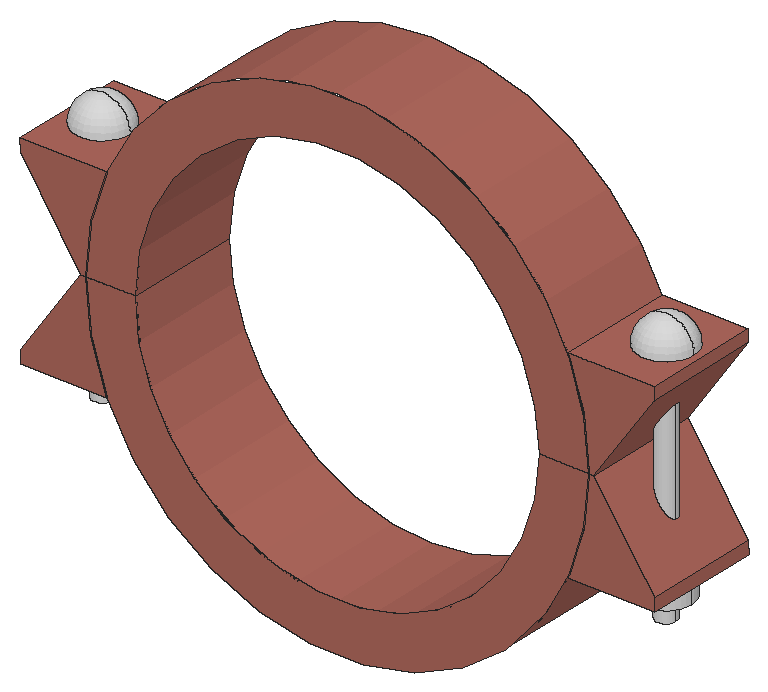
Revit family "Flexible Couplings-Zurn_Wilkins-FP23F (114-8_inch)", category Pipe Accessories, Revit 2022
Family settings
  Round Connector Dimension = Use Radius
  Part Type = Valve - Breaks Into
  OmniClass Number = 23.65.55.14.11
  OmniClass Title = Inlet/Outlet Valves for Liquid Services
  Work Plane-Based = No
  Always vertical = Yes
  Cut with Voids When Loaded = No
  Shared = No
Parameters (values of type "8‐FP23F (8" FP23F)")
  Width = 1' - 0"
  URL = "https://www.zurn.com"
  Type Comments = ""
  Repair Parts URL = ""
  Product data URL = "https://www.bimobject.com/en/zurnindustries/product/zurn-fp23"
  Product Weight (lbs) = 8
  Product Page URL = "https://www.zurn.com/products/fire-protection/grooved-couplings-fittings/fp23"
  Product Installation Sheet URL = "https://files.zurn.com/care-cleaning-install-warranty-sheets/isfp23.pdf"
  Product Documentation Link = "https://files.zurn.com/spec-sheets/fp23-couplings.pdf"
  Nominal Radius = Nominal Diameter / 2  # 0' - 4"
  Nominal Diameter = 0' - 8"
  Modified Date = "10/09/25"  # constant formula
  Model = "8‐FP23F"
  Max Working Water Temperature = 0 °F
  Max Working Water Pressure = 300.00 psi
  Manufacturer Brand = "Zurn Wilkins"  # constant formula
  Manufacturer = "Zurn Water, LLC"  # constant formula
  Main Material = Paint - Zurn - Ductile Iron Red
  Length = 2' - 0"
  L = 0' - 0 51/256"
  K = 0' - 0 51/128"
  J = 0' - 0 115/256"
  I = 0' - 1 13/128"
  Hydrostatic Test Pressure = 0.00 psi
  Height = 1' - 0"
  H = 0' - 0 179/256"
  G = 0' - 3 1/2"
  Flow Rate (GPM) = 0 GPM
  FP23F-SYMBOL = Flexible couplings-Zurn_Wilkins-FP23F_Symbol : 8‐FP23F
  F = 0' - 1 51/256"
  E = 0' - 8"
  Description = "FLEXIBLE FIRE COUPLINGS"
  Default Elevation = 0' - 0"
  Date Created = "10/09/25"  # constant formula
  D = 0' - 4"
  DIM C = 0' - 2 41/128"
  DIM B = 0' - 9 123/128"
  Center to end = DIM A / 2  # 0' - 6.2793"
  Assembly Code = "D2020300"
  DIM A = 1' - 0 143/256"
Types (9): name | Product Weight (lbs) | Nominal Radius | Nominal Diameter | Model | L | K | J | I | H | G | FP23F-SYMBOL | F | E | D | DIM C | DIM B | Center to end | DIM A
  (no name) | 8 | 0' - 4" | 0' - 8" | "8‐FP23F" | 0' - 0 51/256" | 0' - 0 51/128" | 0' - 0 115/256" | 0' - 1 13/128" | 0' - 0 179/256" | 0' - 3 1/2" | Flexible couplings-Zurn_Wilkins-FP23F_Symbol : 8‐FP23F | 0' - 1 51/256" | 0' - 8" | 0' - 4" | 0' - 2 41/128" | 0' - 9 123/128" | 0' - 6.2793" | 1' - 0 143/256"
  3‐FP23F (3" FP23F) | 2 | 0' - 1 1/2" | 0' - 3" | "3‐FP23F" | 0' - 0 51/256" | 0' - 0.25621" | 0' - 0.26941" | 0' - 0 3/4" | 0' - 0 51/128" | 0' - 1 13/128" | Flexible couplings-Zurn_Wilkins-FP23F_Symbol : 3‐FP23F | 0' - 0 3/4" | 0' - 3 1/2" | 0' - 1 1/2" | 0' - 1 197/256" | 0' - 4 73/128" | 0' - 3 1/4" | 0' - 6 1/2"
  114‐FP23F (1 1/4" FP23F) | 1 | 0' - 0 5/8" | 0' - 1 1/4" | "114‐FP23F" | 0' - 0 19/128" | 0' - 0 51/256" | 0' - 0 11/64" | 0' - 0 1/2" | 0' - 0 85/256" | 0' - 0 51/128" | Flexible couplings-Zurn_Wilkins-FP23F_Symbol : 114‐FP23F | 0' - 0 77/128" | 0' - 2" | 0' - 0 179/256" | 0' - 1.73" | 0' - 2 41/64" | 0' - 2 27/256" | 0' - 4 27/128"
  112‐FP23F (1 1/2" FP23F) | 1 | 0' - 0 3/4" | 0' - 1 1/2" | "112‐FP23F" | 0' - 0.13575" | 0' - 0.25621" | 0' - 0 51/256" | 0' - 0 77/128" | 0' - 0 85/256" | 0' - 0 1/2" | Flexible couplings-Zurn_Wilkins-FP23F_Symbol : 112‐FP23F | 0' - 0 77/128" | 0' - 2 51/256" | 0' - 0 205/256" | 0' - 1.73" | 0' - 2 215/256" | 0' - 2.18555" | 0' - 4 95/256"
  2‐FP23F (2" FP23F) | 2 | 0' - 1" | 0' - 2" | "2‐FP23F" | 0' - 0.13575" | 0' - 0.25621" | 0' - 0 51/256" | 0' - 0 77/128" | 0' - 0 85/256" | 0' - 0 77/128" | Flexible couplings-Zurn_Wilkins-FP23F_Symbol : 2‐FP23F | 0' - 0 77/128" | 0' - 2 1/2" | 0' - 1" | 0' - 1 187/256" | 0' - 3 45/128" | 0' - 2.43945" | 0' - 4 225/256"
  212‐FP23F (2 1/2" FP23F) | 2 | 0' - 1 1/4" | 0' - 2 1/2" | "212‐FP23F" | 0' - 0.13575" | 0' - 0.25621" | 0' - 0 51/256" | 0' - 0 77/128" | 0' - 0 85/256" | 0' - 0 115/128" | Flexible couplings-Zurn_Wilkins-FP23F_Symbol : 212‐FP23F | 0' - 0 77/128" | 0' - 3" | 0' - 1 77/256" | 0' - 1 197/256" | 0' - 3 115/128" | 0' - 2 183/256" | 0' - 5 55/128"
  4‐FP23F (4" FP23F) | 3 | 0' - 2" | 0' - 4" | "4‐FP23F" | 0' - 0 51/256" | 0' - 0.25621" | 0' - 0.26941" | 0' - 0 3/4" | 0' - 0 115/256" | 0' - 1 1/2" | Flexible couplings-Zurn_Wilkins-FP23F_Symbol : 4‐FP23F | 0' - 0 205/256" | 0' - 4 51/256" | 0' - 2" | 0' - 1 119/128" | 0' - 5 141/256" | 0' - 3.74023" | 0' - 7 123/256"
  6‐FP23F (6" FP23F) | 5 | 0' - 3" | 0' - 6" | "6‐FP23F" | 0' - 0 51/256" | 0' - 0 77/256" | 0' - 0 51/128" | 0' - 0 115/128" | 0' - 0 1/2" | 0' - 2 1/2" | Flexible couplings-Zurn_Wilkins-FP23F_Symbol : 6‐FP23F | 0' - 0 115/128" | 0' - 6" | 0' - 3" | 0' - 1 119/128" | 0' - 7 223/256" | 0' - 4.91992" | 0' - 9 215/256"
  8‐FP23F (8" FP23F) | 8 | 0' - 4" | 0' - 8" | "8‐FP23F" | 0' - 0 51/256" | 0' - 0 51/128" | 0' - 0 115/256" | 0' - 1 13/128" | 0' - 0 179/256" | 0' - 3 1/2" | Flexible couplings-Zurn_Wilkins-FP23F_Symbol : 8‐FP23F | 0' - 1 51/256" | 0' - 8" | 0' - 4" | 0' - 2 41/128" | 0' - 9 123/128" | 0' - 6.2793" | 1' - 0 143/256"
Reference planes (in)
  plane 1 "Center (Front/Back)": y = 0
  plane 2: z = 0
  plane 3 "Center (Left/Right)": x = 0
  plane 4 "Left Side Plane": x = -12
  plane 5 "Right side Plane": x = 12
  plane 6 "Back Plane": y = 6
  plane 7 "Front Plane": y = -6
  plane 8 "Top Plane": z = 6
  plane 9 "Bottom Plane": z = -6
  plane 10: y = 1.16016
  plane 11: y = -1.16016
  plane 12: x = -6.2793
  plane 13: x = 6.2793
  plane 14: z = 2
  plane 15: z = -2
  plane 16: z = 1.75
  plane 17: z = -1.75
  plane 18: x = -5.08008
  plane 19: x = 5.08008
  plane 20: x = -5.58008
  plane 21: z = -2.44922
  plane 22: z = -2.84766
  plane 23: x = -5.38086
  plane 24: x = 5.58008
  plane 25: x = 5.38086
  plane 26: y = 1.16016
  plane 27: x = 6.2793
  plane 28: y = -1.16016
  plane 29: x = -6.2793
Forms (in)
  Extrusion 1, solid, material "Paint - Zurn - Ductile Iron Red", detail levels fine
    sketch origin (0, 0, 0) x (1, 0, 0) y (0, 0, 1)
      loop
        line (-4, 0) -> (-4.98047, 0)
        arc (-4.98047, 0) -> (0, -4.98047) -> (4.98047, 0) r 4.98047
        line (4.98047, 0) -> (4, 0)
        arc (4, 0) -> (0, -4) -> (-4, 0) r 4
    from -1.16016 to 1.16016
  Extrusion 2, solid, material "Paint - Zurn - Ductile Iron Red", detail levels fine
    sketch origin (0, 0, 0) x (1, 0, 0) y (0, 0, 1)
      loop
        line (-4.98047, 0) -> (-4, 0)
        arc (-4, 0) -> (0, 4) -> (4, 0) r 4
        line (4, 0) -> (4.98047, 0)
        arc (4.98047, 0) -> (0, 4.98047) -> (-4.98047, 0) r 4.98047
    from -1.16016 to 1.16016
  Extrusion 3, solid, material "Paint - Zurn - Ductile Iron Red", detail levels fine
    sketch origin (0, 0, 0) x (1, 0, 0) y (0, 0, 1)
      loop
        line (-4.56126, 2) -> (-6.2793, 2) -> (-6.2793, 1.75) -> (-5.08008, 0) -> (-4.98047, 0)
        arc (-4.98047, 0) -> (-4.87454, 1.02173) -> (-4.56126, 2) r 4.98047
    from -1.16016 to 1.16016
  Extrusion 4, solid, material "Paint - Zurn - Ductile Iron Red", detail levels fine
    sketch origin (0, 0, 0) x (1, 0, 0) y (0, 0, 1)
      loop
        line (-5.08008, 0) -> (-6.2793, -1.75) -> (-6.2793, -2) -> (-4.56126, -2)
        arc (-4.56126, -2) -> (-4.87454, -1.02173) -> (-4.98047, 0) r 4.98047
        line (-4.98047, 0) -> (-5.08008, 0)
    from -1.16016 to 1.16016
  Extrusion 5, solid, material "Paint - Zurn - Ductile Iron Red", detail levels fine
    sketch origin (0, 0, 0) x (1, 0, 0) y (0, 0, 1)
      loop
        arc (4.56126, 2) -> (4.87454, 1.02173) -> (4.98047, 0) r 4.98047
        line (4.98047, 0) -> (5.08008, 0) -> (6.2793, 1.75) -> (6.2793, 2) -> (4.56126, 2)
    from -1.16016 to 1.16016
  Extrusion 6, solid, material "Paint - Zurn - Ductile Iron Red", detail levels fine
    sketch origin (0, 0, 0) x (1, 0, 0) y (0, 0, 1)
      loop
        arc (4.98047, 0) -> (4.87454, -1.02173) -> (4.56126, -2) r 4.98047
        line (4.56126, -2) -> (6.2793, -2) -> (6.2793, -1.75) -> (5.08008, 0) -> (4.98047, 0)
    from -1.16016 to 1.16016
  Revolve 7, solid, material "Paint - Zurn - Silver", detail levels fine
    sketch origin (0, 0, 0) x (1, 0, 0) y (0, 0, 1)
      loop
        line (-5.58008, 2.55078) -> (-5.58008, 2) -> (-5.0293, 2)
        arc (-5.0293, 2) -> (-5.19062, 2.38946) -> (-5.58008, 2.55078) r 0.55078
      axis (-5.58008, 2) -> (-5.58008, 2.55078)
    angle from 0 to 360
  Revolve 8, solid, material "Paint - Zurn - Silver", detail levels fine
    sketch origin (0, 0, 0) x (1, 0, 0) y (0, 0, 1)
      loop
        line (-5.58008, 2) -> (-5.58008, -2.84766) -> (-5.38086, -2.84766) -> (-5.38086, -2.44922) -> (-5.08008, -2.44922) -> (-5.08008, -2) -> (-5.38086, -2) -> (-5.38086, 2) -> (-5.58008, 2)
      axis (-5.58008, 2) -> (-5.58008, -2.84766)
    angle from 0 to 360
  Revolve 9, solid, material "Paint - Zurn - Silver", detail levels fine
    sketch origin (0, 0, 0) x (1, 0, 0) y (0, 0, 1)
      loop
        arc (6.13086, 2) -> (5.96954, 2.38946) -> (5.58008, 2.55078) r 0.55078
        line (5.58008, 2.55078) -> (5.58008, 2) -> (6.13086, 2)
      axis (5.58008, 2) -> (5.58008, 2.55078)
    angle from 0 to 360
  Revolve 10, solid, material "Paint - Zurn - Silver", detail levels fine
    sketch origin (0, 0, 0) x (1, 0, 0) y (0, 0, 1)
      loop
        line (5.58008, 2) -> (5.38086, 2) -> (5.38086, -2) -> (5.08008, -2) -> (5.08008, -2.44922) -> (5.38086, -2.44922) -> (5.38086, -2.84766) -> (5.58008, -2.84766) -> (5.58008, 2)
      axis (5.58008, -2.84766) -> (5.58008, 2)
    angle from 0 to 360
Lines and regions (in)
  Masking region 1, detail levels fine
    outline origin (0, 0, 0) x (1, 0, 0) y (0, 1, 0)
      loop
        line (-6.2793, 1.16016) -> (-6.2793, -1.16016) -> (6.2793, -1.16016) -> (6.2793, 1.16016) -> (-6.2793, 1.16016)
Dimensions and locks (in)
  equal spacing: plane 5 "Right side Plane", plane 3 "Center (Left/Right)", plane 4 "Left Side Plane"
  "Length": plane 5 "Right side Plane" to plane 4 "Left Side Plane"
  equal spacing: plane 8 "Top Plane", plane 2, plane 9 "Bottom Plane"
  "Height": plane 8 "Top Plane" to plane 9 "Bottom Plane"
  equal spacing: plane 7 "Front Plane", plane 1 "Center (Front/Back)", plane 6 "Back Plane"
  "Width": plane 7 "Front Plane" to plane 6 "Back Plane"
  equal spacing: plane 10, plane 1 "Center (Front/Back)", plane 11
  "DIM C": plane 10 to plane 11
  equal spacing: plane 13, plane 3 "Center (Left/Right)", plane 12
  "DIM A": plane 13 to plane 12
  equal spacing: plane 14, level, plane 15
  "D": plane 14 to plane 15
  equal spacing: plane 16, level, plane 17
  "G": plane 16 to plane 17
  "F": plane 18 to plane 12
  "F": plane 13 to plane 19
  "H": plane 20 to plane 12
  "J": plane 15 to plane 21
  "K": plane 21 to plane 22
  "L": plane 23 to plane 20
  "H": plane 13 to plane 24
  "L": plane 24 to plane 25
  "DIM B": diameter of Extrusion 1 sketch curve
  "E": diameter of Extrusion 1 sketch curve
  "DIM B": diameter of Extrusion 2 sketch curve
  "E": diameter of Extrusion 2 sketch curve
  "DIM B": diameter of Extrusion 3 sketch curve
  "DIM B": diameter of Extrusion 5 sketch curve
  "DIM B": diameter of Extrusion 6 sketch curve
  "I": diameter of Revolve 7 sketch curve
  "I": diameter of Revolve 9 sketch curve
  aligned and locked: plane 2 to level
  aligned and locked: plane 3 "Center (Left/Right)" to Extrusion 1 sketch curve  (x2)
  aligned and locked: level to Extrusion 1 sketch curve  (x2)
  aligned and locked: Extrusion 1 sketch curve to level  (x2)
  aligned and locked: Extrusion 1 to plane 10
  aligned and locked: Extrusion 1 to plane 11
  aligned and locked: plane 3 "Center (Left/Right)" to Extrusion 2 sketch curve  (x2)
  aligned and locked: level to Extrusion 2 sketch curve  (x2)
  aligned and locked: Extrusion 2 sketch curve to level  (x2)
  aligned and locked: Extrusion 2 to plane 10
  aligned and locked: plane 11 to Extrusion 2
  aligned and locked: plane 3 "Center (Left/Right)" to Extrusion 3 sketch curve
  aligned and locked: level to Extrusion 3 sketch curve
  aligned and locked: plane 14 to Extrusion 3 sketch curve
  aligned and locked: Extrusion 3 sketch curve to plane 12
  aligned and locked: plane 12 to Extrusion 3 sketch curve
  aligned and locked: plane 18 to Extrusion 3 sketch curve
  aligned and locked: Extrusion 3 sketch curve to level
  aligned and locked: Extrusion 3 to plane 10
  aligned and locked: plane 11 to Extrusion 3
  aligned and locked: Extrusion 4 sketch curve to level
  aligned and locked: Extrusion 4 sketch curve to plane 15
  aligned and locked: plane 12 to Extrusion 4 sketch curve
  aligned and locked: plane 17 to Extrusion 4 sketch curve
  aligned and locked: plane 18 to Extrusion 4 sketch curve
  aligned and locked: Extrusion 4 to plane 10
  aligned and locked: plane 11 to Extrusion 4
  aligned and locked: plane 3 "Center (Left/Right)" to Extrusion 5 sketch curve
  aligned and locked: level to Extrusion 5 sketch curve  (x2)
  aligned and locked: plane 14 to Extrusion 5 sketch curve
  aligned and locked: plane 13 to Extrusion 5 sketch curve
  aligned and locked: plane 19 to Extrusion 5 sketch curve
  aligned and locked: Extrusion 5 sketch curve to plane 13
  aligned and locked: plane 11 to Extrusion 5
  aligned and locked: Extrusion 5 to plane 10
  aligned and locked: plane 3 "Center (Left/Right)" to Extrusion 6 sketch curve
  aligned and locked: level to Extrusion 6 sketch curve
  aligned and locked: Extrusion 6 sketch curve to level
  aligned and locked: plane 13 to Extrusion 6 sketch curve
  aligned and locked: Extrusion 6 sketch curve to plane 15
  aligned and locked: Extrusion 6 sketch curve to plane 17
  aligned and locked: plane 19 to Extrusion 6 sketch curve
  aligned and locked: plane 11 to Extrusion 6
  aligned and locked: Extrusion 6 to plane 10
  aligned and locked: plane 14 to Revolve 7 sketch curve  (x2)
  aligned and locked: plane 20 to Revolve 7 sketch curve  (x2)
  aligned and locked: Revolve 7 sketch curve to plane 20
  aligned and locked: Revolve 8 sketch curve to plane 20  (x2)
  aligned and locked: plane 14 to Revolve 8 sketch curve
  aligned and locked: Revolve 8 sketch curve to plane 23  (x2)
  aligned and locked: plane 15 to Revolve 8 sketch curve
  aligned and locked: Revolve 8 sketch curve to plane 18
  aligned and locked: Revolve 8 sketch curve to plane 21
  aligned and locked: Revolve 8 sketch curve to plane 22
  aligned and locked: plane 24 to Revolve 9 sketch curve  (x2)
  aligned and locked: Revolve 9 sketch curve to plane 14
  aligned and locked: Revolve 9 sketch curve to plane 24
  aligned and locked: plane 14 to Revolve 9 sketch curve
  aligned and locked: Revolve 10 sketch curve to plane 14
  aligned and locked: Revolve 10 sketch curve to plane 24  (x2)
  aligned and locked: Revolve 10 sketch curve to plane 15
  aligned and locked: plane 19 to Revolve 10 sketch curve
  aligned and locked: Revolve 10 sketch curve to plane 25  (x2)
  aligned and locked: plane 22 to Revolve 10 sketch curve
  aligned and locked: plane 25 to Revolve 10 sketch curve
  aligned and locked: plane 21 to Revolve 10 sketch curve
  aligned and locked: Extrusion 4 sketch curve to Extrusion 3
  aligned and locked: plane 29 to Masking region 1 sketch curve  (x2)
  aligned and locked: Masking region 1 sketch curve to plane 26
  aligned and locked: plane 28 to Masking region 1 sketch curve  (x2)
  aligned and locked: plane 27 to Masking region 1 sketch curve  (x2)
  aligned and locked: plane 26 to Masking region 1 sketch curve
  aligned and locked: plane 1 "Center (Front/Back)" to nested 1
  aligned and locked: plane 3 "Center (Left/Right)" to nested 1
  aligned and locked: plane 28 to plane 11
  aligned and locked: plane 12 to plane 29
  aligned and locked: plane 13 to plane 27
  aligned and locked: plane 26 to plane 10
Automatic sketch dimensions
  Extrusion 3 sketch curve to plane 16 = 0' - 0"
  Extrusion 5 sketch curve to plane 16 = 0' - 0"
  Revolve 7 sketch curve to plane 14 = 0' - 0"
  Revolve 7 sketch curve to Revolve 7 sketch curve = 0' - 0.14778"
  Revolve 8 sketch curve to plane 14 = 0' - 0"
  Revolve 8 sketch curve to plane 22 = 0' - 0"
  Revolve 9 sketch curve to plane 14 = 0' - 0"
  Revolve 9 sketch curve to Revolve 9 sketch curve = 0' - 0.0329"
  Revolve 10 sketch curve to plane 15 = 0' - 0"
  Revolve 10 sketch curve to Revolve 10 sketch curve = 0' - 0.31856"
Nested families (in)
  nested 1: "Flexible couplings-Zurn_Wilkins-FP23F_Symbol" at (0, 0, 0), type <- "FP23F-SYMBOL", B <- "Center to end", type "8‐FP23F"
    with Product Install & Maintenance Sheet URL "", B 0' - 6.2793"
Connectors (in)
  piping at (0, 1.16016, 0), diameter 8, driven by "Nominal Radius"
    settings: on Extrusion 2, index 1, connector inside diameter 24", connector length 0' - 0", flow factor 0, pipe flow 0 GPM, pressure drop 0.00 psi, fitting loss kfactor 0, connector angle 0.00°, fixture units 0, engagement length 0' - 0", angle of deflection 0.00°, flow configuration 2, flow direction 1, fitting loss method 0, system type 29, joint type 0, gender type 0, connector reference index 2, connector utility 0, adjustable connector no, is connector primary yes, connector description "INLET"
  piping at (0, -1.16016, 0), diameter 8, driven by "Nominal Radius"
    settings: on Extrusion 2, index 2, connector inside diameter 24", connector length 0' - 0", flow factor 0, pipe flow 0 GPM, pressure drop 0.00 psi, fitting loss kfactor 0, connector angle 0.00°, fixture units 0, engagement length 0' - 0", angle of deflection 0.00°, flow configuration 2, flow direction 2, fitting loss method 0, system type 29, joint type 0, gender type 0, connector reference index 1, connector utility 0, adjustable connector no, is connector primary no, connector description "OUTLET"
Definition of nested family "Flexible couplings-Zurn_Wilkins-FP23F_Symbol"
  Parameters (values of type "4‐FP23F")
    Width = 1' - 0"
    Weight = ""
    URL = "www.zurn.com/"
    Standards Compliance = ""
    Specification Sheet URL = ""
    Repair Parts URL = ""
    Rated Flow = 0 GPM
    Product Page URL = ""
    Product Install & Maintenance Sheet URL [instance] = ""
    Pressure Loss at Rated Flow = 0.00 psi
    Nominal Radius = 0' - 0"
    Nominal Diameter = 0' - 0"
    Max Working Water Temperature = 0 °F
    Max Working Water Pressure = 0.00 psi
    Manufacturer = "Zurn Wilkins"
    Length = 2' - 0"
    Hydrostatic Test Pressure = 0.00 psi
    Height = 1' - 0"
    Flow = ""
    Default Elevation = 0' - 0"
    C = 0' - 1 119/128"
    B [instance] = 0' - 2"
    A = 0' - 7 123/256"
  Types (8): name | C | A
    114‐FP23F | 0' - 1 187/256" | 0' - 4 27/128"
    112‐FP23F | 0' - 1 187/256" | 0' - 4 95/256"
    2‐FP23F | 0' - 1 187/256" | 0' - 4 225/256"
    212‐FP23F | 0' - 1 197/256" | 0' - 5 55/128"
    3‐FP23F | 0' - 1 197/256" | 0' - 6 1/2"
    4‐FP23F | 0' - 1 119/128" | 0' - 7 123/256"
    6‐FP23F | 0' - 1 119/128" | 0' - 9 215/256"
    8‐FP23F | 0' - 2 41/128" | 1' - 0 143/256"
  Reference planes (in)
    plane 1 "Center (Front/Back)": y = 0
    plane 2: z = 0
    plane 3 "Center (Left/Right)": x = 0
    plane 4 "Left Side Plane": x = -12
    plane 5 "Right side Plane": x = 12
    plane 6 "Back Plane": y = 6
    plane 7 "Front Plane": y = -6
    plane 8 "Top Plane": z = 6
    plane 9 "Bottom Plane": z = -6
    plane 10: y = 0.96484
    plane 11: y = -0.96484
    plane 12: x = -3.74023
    plane 13: x = 3.74023
    plane 14: z = 0.5
    plane 15: z = -0.5
  Lines and regions (in)
    symbolic lines, detail levels coarse+medium
      curve 1: line (0, 0.96484, 0) -> (0, -0.96484, 0)
      curve 2: line (0, 0, 0.5) -> (0, 0, -0.5)
      curve 3: line (0, 0, 2) -> (0, 0, -1.75)
      curve 6: line (2, 0, 0) -> (-2, 0, 0)
    model lines, detail levels coarse+medium
      curve 4: line (0, 0.96484, 0) -> (0, -0.96484, 0)
      curve 5: line (-3.74023, 0, 0) -> (3.74023, 0, 0)
  Dimensions and locks (in)
    equal spacing: plane 5 "Right side Plane", plane 3 "Center (Left/Right)", plane 4 "Left Side Plane"
    "Length": plane 5 "Right side Plane" to plane 4 "Left Side Plane"
    equal spacing: plane 8 "Top Plane", plane 2, plane 9 "Bottom Plane"
    "Height": plane 8 "Top Plane" to plane 9 "Bottom Plane"
    equal spacing: plane 7 "Front Plane", plane 1 "Center (Front/Back)", plane 6 "Back Plane"
    "Width": plane 7 "Front Plane" to plane 6 "Back Plane"
    equal spacing: plane 12, plane 3 "Center (Left/Right)", plane 13  (x2)
    equal spacing: plane 10, plane 1 "Center (Front/Back)", plane 11
    "A": plane 12 to plane 13
    "C": plane 10 to plane 11
    equal spacing: plane 14, level, plane 15
    locked: plane 14 to level at 0.5
    equal spacing: curve 6, plane 3 "Center (Left/Right)", curve 6
    "B": plane 3 "Center (Left/Right)" to curve 6
    aligned and locked: plane 2 to level
    aligned and locked: curve 1 to level
    aligned and locked: plane 10 to curve 1
    aligned and locked: plane 11 to curve 1
    aligned and locked: curve 3 to plane 3 "Center (Left/Right)"
    aligned and locked: curve 4 to plane 3 "Center (Left/Right)"
    aligned and locked: plane 1 "Center (Front/Back)" to curve 5
    aligned and locked: plane 10 to curve 4
    aligned and locked: plane 11 to curve 4
    aligned and locked: plane 13 to curve 5
    aligned and locked: plane 12 to curve 5
    aligned and locked: curve 2 to plane 1 "Center (Front/Back)"
    aligned and locked: plane 14 to curve 2
    aligned and locked: plane 15 to curve 2
    aligned and locked: level to curve 6
  Automatic sketch dimensions
    curve 3 to plane 15 = 0' - 1 1/4"
    plane 14 to curve 3 = 0' - 1 1/2"
